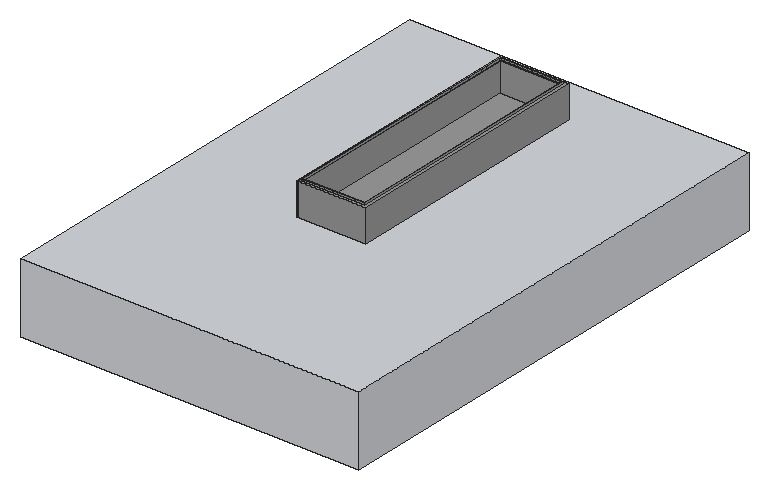
Revit family "Hager-Univers-IP30-D160-1x7rows-Cl.II-FWQ_encl_QS-NL-en", category Equipement électrique, Revit 2020
Family settings
  Hôte = Face
  Configuration du panneau = Deux colonnes, circuits au sein
  Cote de connecteur circulaire = Utiliser le diamètre
  Type d'élément = Tableau de raccordement
  Couper avec des vides une fois chargée = Non
  Partagée = Non
  Point de calcul de pièce = Non
Parameters (values of type "Surface mounted (plaster) IP30 W300 H1100 D160  - FWQ71D1")
  Width Control [instance] = if([EF000008 - Width] > Min Width, [EF000008 - Width], Min Width)  # 300 mm
  Commentaires du type = [HG000003 - Range]  # "Univers"
  Thickness Door [instance] = if([EF009171 - Material plate thickness door/cover] > 3 mm, 3 mm, [EF009171 - Material plate thickness door/cover])  # 2 mm
  Seal Frame Offset [instance] = 17 mm  # constant formula
  Plinth Visibility [instance] = [HG000027 - Plinth height] > 0 mm  # no
  Model = ""
  Min Width [instance] = 100 mm  # constant formula
  Min Height [instance] = 100 mm  # constant formula
  Min Depth [instance] = (2 * [EF009170 - Material plate thickness cabinet]) + 1 mm  # 5 mm
  Internal Frame Depth [instance] = (Door System Depth * 0.5)  # 9 mm
  Height Control [instance] = if([EF000040 - Height] > Min Height, [EF000040 - Height], Min Height)  # 1100 mm
  HG000027 - Plinth height = 0 mm
  HG000026 - Floor standing = no
  HG000024 - Bottom section height = 800 mm
  HG000023 - Double section enclosure = no
  HG000016 - Door 3d visibility [instance] = yes
  HG000015 - Clearance visibility [instance] = no
  HG000014 - Door on the right [instance] = yes
  HG000013 - Door on the left [instance] = not([HG000014 - Door on the right])  # no
  HG000012 - Door swing angle [instance] = 30.00°
  HG000010 - Asymmetric doors = no
  HG000009 - Double swing door = no
  HG000006 - Flush mounted = no
  HG000004 - Manufacturer reference = "FWQ71D1"
  HG000003 - Range = "Univers"
  HG000002 - With door or cover = no
  Frame Offset Bottom [instance] = 10 mm  # constant formula
  Frame Offset [instance] = 15 mm  # constant formula
  EF015940 - Cover with overpressure release = no
  EF011959 - Degree of protection (NEMA) = ""
  EF009554 - Number of openings for flange plates = 2
  EF009212 - Cover model = "EV009916 - With notch"
  EF009171 - Material plate thickness door/cover = 2 mm
  EF009170 - Material plate thickness cabinet = 2 mm
  Fabricant = "Hager"  # constant formula
  EF008873 - Nominal current (In) = 125 A
  EF007800 - Suitable for lightning protection = no
  EF006306 - With lock = no
  EF006244 - Transparent cover/door = no
  EF005474 - Degree of protection (IP) = "EV006410 - IP30"
  EF004464 - Type of door = "EV002646 - Single"
  EF004427 - Number of modules = 84
  EF004293 - Impact strength = ""
  EF003532 - Suitable for outdoor use = no
  EF002950 - Width in number of modular spacings = 12
  EF001613 - Circuit integrity = "EV000494 - None"
  EF001596 - Material housing = "EV000179 - Steel"
  EF001131 - Internal depth = 160 mm
  EF001088 - Extension possible = yes
  EF000437 - Number of conduit inlets = 4
  EF000339 - Type of cover = "EV001012 - Cover"
  EF000266 - Number of rows = 7
  EF000218 - Built-in depth = 0 mm
  EF000118 - With mounting plate = yes
  EF000116 - RAL-number = "9010"
  EF000049 - Depth = 160 mm
  EF000040 - Height = 1100 mm
  EF000008 - Width = 300 mm
  EF000007 - Colour = "EV000202 - White"
  EF000003 - Mounting method = "EV000384 - Surface mounted (plaster)"
  Door System Leaf Tolerance [instance] = 1.5 mm  # constant formula
  Door System Depth [instance] = 18 mm  # constant formula
  Door Height [instance] = Height Control - [HG000027 - Plinth height]  # 1100 mm
  Depth Control [instance] = if([EF000049 - Depth] > Min Depth, [EF000049 - Depth], Min Depth)  # 160 mm
  Default Elevation = 0 mm
  Connector Offset [instance] = Height Control / 2  # 550 mm
  Bottom Top Plate Trim [instance] = 1.5 mm  # constant formula
  Plinth height Ctrl [instance] = if([HG000027 - Plinth height] > 0 mm, [HG000027 - Plinth height], 12 mm)  # 12 mm
Reference planes
  plane 1 "Center (Front/Back)": y = 0
  plane 2: z = 0
  plane 3 "Center (Left/Right)": x = 0
  plane 4: z = 160
  plane 5: y = 2
  plane 6: y = 550
  plane 7: y = 0
  plane 8: y = 1100
  plane 9: z = 0
  plane 10: x = -135
  plane 11: x = 135
  plane 12: x = 133
  plane 13: x = -133
  plane 14: y = 1098
  plane 15: x = -133
  plane 16: x = -150
  plane 17: x = 133
  plane 18: x = 150
  plane 19: x = 148
  plane 20: x = -148
  plane 21: y = 12
  plane 22: y = 1100
  plane 23: y = 1083
  plane 24: z = 142
  plane 25: z = 2
  plane 26: z = 140
  plane 27: z = 158
Forms (mm)
  Extrusion 1, solid
    sketch origin (0, 0, 0) x (1, 0, 0) y (0, 1, 0)
      loop
        line (-702.964, 1305) -> (-702.964, -811.445) -> (766.763, -811.445) -> (766.763, 1305) -> (-702.964, 1305)
    from 0 to -304.8
  Extrusion 2, solid, material "Hager_Steel_RAL7035_Light_Grey", visible <- "Plinth Visibility", detail levels medium+fine
    sketch origin (0, 0, 0) x (1, 0, 0) y (0, 1, 0)
      loop
        line (-150, 0) -> (150, 0) -> (150, 12) -> (-150, 12) -> (-150, 0)
    from 0 to 142
  Extrusion 3, solid, material "Hager_Steel_RAL7035_Light_Grey", detail levels medium+fine
    sketch origin (0, 0, 0) x (1, 0, 0) y (0, 1, 0)
      loop
        line (-150, 0) -> (150, 0) -> (150, 1100) -> (-150, 1100) -> (-150, 0)
    from 0 to 142
  Extrusion 4, void
    sketch origin (0, 0, 0) x (1, 0, 0) y (0, 1, 0)
      loop
        line (-148, 2) -> (148, 2) -> (148, 1098) -> (-148, 1098) -> (-148, 2)
    from 2 to 140
  Extrusion 5, void
    sketch origin (-381.607, -4572, 142) x (0, -1, 0) y (-1, 0, 0)
      loop
        line (-4584, -248.607) -> (-5655, -248.607) -> (-5655, -514.607) -> (-4584, -514.607) -> (-4584, -248.607)
    from 0 to 2 <- "EF009170 - Material plate thickness cabinet"
  Extrusion 6, solid, material "Hager_Steel_RAL7035_Light_Grey", detail levels fine
    sketch origin (0, 0, 142) x (1, 0, 0) y (0, 1, 0)
      loop
        line (-133, 1083) -> (-133, 12) -> (133, 12) -> (133, 1083) -> (-133, 1083)
      loop
        line (-135, 10) -> (135, 10) -> (135, 1085) -> (-135, 1085) -> (-135, 10)
    from 0 to 9 <- "Internal Frame Depth"
  Extrusion 7, solid, material "Hager_Steel_RAL7035_Light_Grey", detail levels coarse
    sketch origin (0, 0, 0) x (1, 0, 0) y (0, 1, 0)
      loop
        line (-150, 0) -> (150, 0) -> (150, 1100) -> (-150, 1100) -> (-150, 0)
    from 0 to 160
  Sweep 8, void
    path in 3D
      loop
        line (-150, 12, 0) -> (150, 12, 0) -> (150, 12, 142) -> (-150, 12, 142) -> (-150, 12, 0)
    profile origin (-150, 12, 71) x (-1, 0, 0) y (0, -1, 0)
      loop
        line (0, 0) -> (0, 1.5) -> (-1.5, 1.5)
        arc (-1.5, 1.5) -> (-1.061, 0.439) -> (0, 0) r 1.5
Cuts and joins
  Extrusion 4, Extrusion 5 cuts Extrusion 3
  Sweep 8 cuts Extrusion 2
Lines and regions (mm)
  Masking region 1
    outline origin (0, 0, 0) x (1, 0, 0) y (0, 0, 1)
      loop
        line (-150, 160) -> (-150, 0) -> (150, 0) -> (150, 160) -> (-150, 160)
  Masking region 2, detail levels medium+fine
    outline origin (0, 140, 0) x (0, 1, 0) y (0, 0, 1)
      loop
        line (-140, 0) -> (960, 0) -> (960, 142) -> (-140, 142) -> (-140, 0)
  Masking region 3, not visible, detail levels medium+fine
    outline origin (0, 297.922, 0) x (0, 1, 0) y (0, 0, 1)
      loop
        line (263.578, 0) -> (303.578, 0) -> (303.578, 148)
        arc (303.578, 148) -> (300.649, 155.071) -> (293.578, 158) r 10
        line (293.578, 158) -> (263.578, 158) -> (263.578, 0)
  Masking region 4, detail levels coarse
    outline origin (0, 0, 180) x (0, 1, 0) y (0, 0, 1)
      loop
        line (0, -180) -> (1100, -180) -> (1100, -20) -> (0, -20) -> (0, -180)
  Masking region 5, visible <- "Plinth Visibility", detail levels medium+fine
    outline origin (0, 52.24, 12.345) x (0, 0, -1) y (0, 1, 0)
      loop
        line (10.845, -40.24) -> (-128.155, -40.24)
        arc (-128.155, -40.24) -> (-128.594, -41.301) -> (-129.655, -41.74) r 1.5
        line (-129.655, -41.74) -> (-129.655, -52.24) -> (12.345, -52.24) -> (12.345, -41.74)
        arc (12.345, -41.74) -> (11.285, -41.301) -> (10.845, -40.24) r 1.5
  Masking region 6, detail levels medium+fine
    outline origin (-381.607, -4572, 142) x (-1, 0, 0) y (0, -1, 0)
      loop
        line (-231.607, -5672) -> (-231.607, -4572) -> (-531.607, -4572) -> (-531.607, -5672) -> (-231.607, -5672)
  Masking region 7, visible <- "Plinth Visibility", detail levels medium+fine
    outline origin (-381.607, -4727, 142) x (-1, 0, 0) y (0, -1, 0)
      loop
        arc (-233.107, -4739) -> (-232.668, -4737.939) -> (-231.607, -4737.5) r 1.5
        line (-231.607, -4737.5) -> (-231.607, -4727) -> (-531.607, -4727) -> (-531.607, -4737.5)
        arc (-531.607, -4737.5) -> (-530.546, -4737.939) -> (-530.107, -4739) r 1.5
        line (-530.107, -4739) -> (-233.107, -4739)
  Masking region 8, detail levels coarse
    outline origin (-442.548, -4669.526, 142) x (-1, 0, 0) y (0, -1, 0)
      loop
        line (-292.548, -5769.526) -> (-292.548, -4669.526) -> (-592.548, -4669.526) -> (-592.548, -5769.526) -> (-292.548, -5769.526)
  sketch lines
    curve 1: line (-150, 12, 142) -> (-150, 12, 0)
    curve 2: line (150, 12, 142) -> (-150, 12, 142)
    curve 3: line (150, 12, 142) -> (150, 12, 0)
    curve 4: line (-150, 12, 0) -> (150, 12, 0)
Dimensions and locks
  "Depth Control": plane 4 to Extrusion 1
  "HG000027 - Plinth height": plane 1 "Center (Front/Back)" to plane 7
  "EF009170 - Material plate thickness cabinet": plane 5 to plane 7
  locked: connector elem to plane 3 "Center (Left/Right)"
  equal spacing: plane 8, plane 6, plane 7
  locked: connector elem to plane 6
  "EF009170 - Material plate thickness cabinet": plane 8 to plane 14
  "EF009170 - Material plate thickness cabinet": plane 10 to plane 13
  "EF009170 - Material plate thickness cabinet": plane 12 to plane 11
  "Frame Offset": plane 20 to plane 13
  "Frame Offset": plane 12 to plane 19
  "EF009170 - Material plate thickness cabinet": plane 16 to plane 20
  "EF009170 - Material plate thickness cabinet": plane 19 to plane 18
  "Seal Frame Offset": plane 16 to plane 15
  "Seal Frame Offset": plane 17 to plane 18
  "Frame Offset Bottom": plane 21 to plane 5
  "Frame Offset": plane 14 to plane 23
  equal spacing: plane 16, plane 3 "Center (Left/Right)", plane 18
  "Width Control": plane 16 to plane 18
  "EF009170 - Material plate thickness cabinet": plane 4 to plane 27
  "EF009170 - Material plate thickness cabinet": plane 24 to plane 26
  "EF009170 - Material plate thickness cabinet": plane 25 to level
  "Door System Depth": plane 4 to plane 24
  "Height Control": plane 1 "Center (Front/Back)" to Extrusion 7 sketch curve
  "Height Control": Masking region 4 sketch curve to plane 1 "Center (Front/Back)"
  "Height Control": plane 1 "Center (Front/Back)" to plane 22
  "Bottom Top Plate Trim": profile plane to Sweep 8 sketch curve
  "Bottom Top Plate Trim": Sweep 8 sketch curve to profile plane
  "Plinth height Ctrl": plane 1 "Center (Front/Back)" to Extrusion 2 sketch curve
  "Plinth height Ctrl": Masking region 5 sketch curve to plane 1 "Center (Front/Back)"
  "Plinth height Ctrl": plane 1 "Center (Front/Back)" to Masking region 7 sketch curve
  "Thickness Door": Extrusion 6 sketch curve to Extrusion 6 sketch curve  (x3)
  "Thickness Door": cut or joined group of Extrusion 3, Extrusion 4, Extrusion 5 to Extrusion 6 sketch curve
  radius of Masking region 3 sketch curve = 10 mm
  "Bottom Top Plate Trim": radius of Masking region 5 sketch curve  (x2)
  "Bottom Top Plate Trim": radius of Sweep 8 sketch curve
  "Bottom Top Plate Trim": radius of Masking region 7 sketch curve  (x2)
  aligned and locked: plane 2 to Extrusion 1
  aligned and locked: level to Extrusion 1
  aligned and locked: level to Masking region 1 sketch curve
  aligned and locked: Masking region 1 sketch curve to plane 18
  aligned and locked: Masking region 1 sketch curve to plane 16
  aligned and locked: plane 7 to Masking region 2 sketch curve
  aligned and locked: level to Masking region 3 sketch curve
  aligned and locked: Masking region 3 sketch curve to plane 27
  aligned and locked: level to Masking region 2 sketch curve
  aligned and locked: plane 1 "Center (Front/Back)" to Extrusion 2 sketch curve
  aligned and locked: Extrusion 3 sketch curve to plane 7
  aligned and locked: plane 16 to Extrusion 3 sketch curve
  aligned and locked: plane 18 to Extrusion 3 sketch curve
  aligned and locked: plane 20 to Extrusion 4 sketch curve
  aligned and locked: plane 19 to Extrusion 4 sketch curve
  aligned and locked: Extrusion 4 sketch curve to plane 5
  aligned and locked: Extrusion 4 to plane 25
  aligned and locked: plane 26 to Extrusion 4
  aligned and locked: plane 24 to Extrusion 3
  aligned and locked: plane 21 to Extrusion 5 sketch curve
  aligned and locked: Extrusion 5 sketch curve to plane 13
  aligned and locked: Extrusion 5 sketch curve to plane 12
  aligned and locked: plane 18 to Extrusion 7 sketch curve
  aligned and locked: plane 1 "Center (Front/Back)" to Extrusion 7 sketch curve
  aligned and locked: plane 16 to Extrusion 7 sketch curve
  aligned and locked: plane 4 to Extrusion 7
  aligned and locked: Extrusion 7 to level
  aligned and locked: level to Masking region 4 sketch curve
  aligned and locked: Masking region 4 sketch curve to plane 1 "Center (Front/Back)"
  aligned and locked: Masking region 4 sketch curve to plane 4
  aligned and locked: nested 1 to level
  aligned and locked: nested 1 to plane 16
  aligned and locked: plane 8 to Extrusion 3 sketch curve
  aligned and locked: plane 23 to Extrusion 5 sketch curve
  aligned and locked: plane 14 to Extrusion 4 sketch curve
  aligned and locked: Masking region 2 sketch curve to plane 8
  aligned and locked: level to Masking region 5 sketch curve
  aligned and locked: plane 16 to Extrusion 2 sketch curve
  aligned and locked: plane 18 to Extrusion 2 sketch curve
  aligned and locked: Masking region 5 sketch curve to plane 24
  aligned and locked: Masking region 2 sketch curve to plane 24
  aligned and locked: plane 24 to Extrusion 2
  aligned and locked: profile plane to Sweep 8 sketch curve  (x2)
  aligned and locked: Masking region 6 sketch curve to plane 18
  aligned and locked: Masking region 6 sketch curve to plane 22
  aligned and locked: Masking region 6 sketch curve to plane 16
  aligned and locked: plane 8 to plane 22
  aligned and locked: plane 7 to Masking region 6 sketch curve
  aligned and locked: Masking region 7 sketch curve to plane 16
  aligned and locked: Masking region 7 sketch curve to plane 1 "Center (Front/Back)"
  aligned and locked: Masking region 7 sketch curve to plane 18
  aligned and locked: Masking region 8 sketch curve to plane 1 "Center (Front/Back)"
  aligned and locked: Masking region 8 sketch curve to plane 18
  aligned and locked: Masking region 8 sketch curve to plane 22
  aligned and locked: Masking region 8 sketch curve to plane 16
  aligned and locked: nested 2 to plane 7
  aligned and locked: plane 3 "Center (Left/Right)" to nested 2
  aligned and locked: plane 24 to nested 2
  aligned and locked: Extrusion 6 sketch curve to cut or joined group of Extrusion 3, Extrusion 4, Extrusion 5  (x4)
Automatic sketch dimensions
  Extrusion 1 sketch curve to Extrusion 1 sketch curve = 1469.727 mm
  Extrusion 1 sketch curve to Extrusion 1 sketch curve = 2116.445 mm
  Masking region 1 sketch curve to plane 4 = 0 mm
  plane 6 to Masking region 3 sketch curve = 11.5 mm
  Masking region 3 sketch curve to Masking region 3 sketch curve = 30 mm
  Masking region 5 sketch curve to plane 1 "Center (Front/Back)" = 0 mm
Nested families
  nested 1: "Hager_Enclosure_Symbol" at (-150, 0, 0) x (1, 0, 0) z (0, -1, 0), Height <- "Depth Control", Width <- "Width Control", type "Hager_Enclosure_Symbol"
    with Width_Ctrl 300 mm, Width 300 mm, Height_Ctrl 160 mm, Height 160 mm, A_Width_Int 10.5 mm, A_Width 126 mm, A_Height_Ctrl 140 mm, A_Height 140 mm
  nested 2: "EC000058_Univers_Door" at (0, 0, 142) x (1, 0, 0) z (0, 1, 0), Leaf_Tolerance <- "Door System Leaf Tolerance", Angle <- "HG000012 - Door swing angle", Door_Depth <- "Door System Depth", Door_Left <- "HG000013 - Door on the left", Transparent <- "EF006244 - Transparent cover/door", Assymetrical <- "HG000010 - Asymmetric doors", Width <- "Width Control", Clearance <- "HG000015 - Clearance visibility", Double <- "HG000009 - Double swing door", 3d_Door <- "HG000016 - Door 3d visibility", Lock_Visibility <- "EF006306 - With lock", Width_Ctrl <- "Width Control", Door_Right <- "HG000014 - Door on the right", Door <- "HG000002 - With door or cover", Height <- "Door Height", Thickness <- "Thickness Door", type "EC000058_Univers_Door", detail levels medium+fine
    with min_wh 5 mm, Width_Ctrl 300 mm, Width 300 mm, Transparent no, Thickness 2 mm, Seal_Material Hager_Rubber, Lock_Visibility no, Lock_Material Hager_Plastic_RAL9005_Jet_Black, Leaf_Width 300 mm, Leaf_Tolerance_External_Sides 0 mm, Leaf_Tolerance 1.5 mm, Leaf_Offset 0 mm, Leaf_Height 1097 mm, Leaf_2_Width 300 mm, Leaf_2_Offset 150 mm, Leaf_1_Width 300 mm, Leaf_1_Offset 150 mm, Height_Ctrl 1100 mm, Height 1100 mm, Glass_Material Hager_Glass, Double_Clearance_Ctrl no, Double no, Door_Right_Ctrl no, Door_Right yes, Door_Material Hager_Steel_RAL7035_Light_Grey, Door_Left_Ctrl no, Door_Left no, Door_Depth 18 mm, Door no, Clearance_Material Hager_Clearance, Clearance_Depth 300 mm, Clearance_Ctrl no, Clearance no, Assymetrical no, Angle 30.00°, 3d_Door yes
Connectors
  electrical at (0, 550, 0)
    settings: on plane 9, index 1, voltage 0 V, apparent load 0 VA, apparent load phase1 0 VA, apparent load phase2 0 VA, apparent load phase3 0 VA, power factor 1, load classification "Other", number of poles 1, system type 30, power factor state 1, is connector primary yes, connector utility no, sub classification motor no, connector description ""
Definition of nested family "Hager_Enclosure_Symbol"
  Parameters (values of type "Hager_Enclosure_Symbol")
    Width_Ctrl [instance] = if(Width > 1 mm, Width, 1 mm)  # 102.27 mm
    Width [instance] = 102.27 mm
    Height_Ctrl [instance] = if(Height > 1 mm, Height, 1 mm)  # 66.5 mm
    A_Width_Int [instance] = if(A_Width / 12 > 2 mm, A_Width / 12, 2 mm)  # 4.364 mm
    A_Width [instance] = if(A_Height_Ctrl * 0.9 > 2 mm, A_Height_Ctrl * 0.9, 2 mm)  # 52.369 mm
    A_Height_Ctrl [instance] = if(A_Height > 2 mm, A_Height, 2 mm)  # 58.188 mm
    Height [instance] = 66.5 mm
    A_Height [instance] = Height - (Height / 8)  # 58.188 mm
  Reference planes
    plane 1 "Centre (avant/arrière)": y = 0
    plane 2: z = 0
    plane 3 "Centre (gauche/droite)": x = 0
    plane 4: x = 52.369
    plane 5: y = 33.042
    plane 6: y = 41.77
    plane 7: y = 66.5
    plane 8: x = 26.184
    plane 9: y = 37.406
    plane 10: x = 102.27
    plane 11: y = 66.5
    plane 12: y = 8.313
  Lines and regions (mm)
    Filled region 1, type "Solid_Black", in view "Niveau de réf."
      outline origin (0, 0, 0) x (1, 0, 0) y (0, 1, 0)
        loop
          line (52.369, 66.5) -> (33.188, 54.536) -> (45.365, 45.006) -> (52.369, 66.5)
    Filled region 2, type "Solid_Black", in view "Niveau de réf."
      outline origin (0, 0, 0) x (1, 0, 0) y (0, 1, 0)
        loop
          line (0, 0) -> (102.27, 0) -> (102.27, 66.5) -> (0, 0)
    detail lines, in view "Niveau de réf."
      curve 1: line (0, 8.313, 0) -> (26.184, 41.77, 0)
      curve 2: line (26.184, 41.77, 0) -> (26.184, 33.042, 0)
      curve 3: line (26.184, 33.042, 0) -> (52.369, 66.5, 0)
  Dimensions and locks
    "A_Width": plane 3 "Centre (gauche/droite)" to plane 4
    equal spacing: plane 3 "Centre (gauche/droite)", plane 8, plane 4
    equal spacing: plane 6, plane 9, plane 5
    equal spacing: curve 3, Filled region 1 sketch curve, Filled region 1 sketch curve
    "Height_Ctrl": plane 1 "Centre (avant/arrière)" to plane 11
    "A_Height_Ctrl": plane 11 to plane 12
    equal spacing: plane 11, plane 9, plane 12
    "A_Width_Int": plane 6 to plane 9
    "Width_Ctrl": plane 3 "Centre (gauche/droite)" to plane 10
    angle Filled region 1 sketch curve to curve 3 = 20.00°
    angle curve 3 to Filled region 1 sketch curve = 20.00°
    locked: curve 3 to Filled region 1 sketch curve (angle 90.00°)
    aligned and locked: plane 10 to Filled region 2
    aligned and locked: plane 11 to Filled region 2 sketch curve
    aligned and locked: plane 10 to Filled region 2 sketch curve
    aligned and locked: plane 3 "Centre (gauche/droite)" to curve 1
    aligned and locked: plane 12 to curve 1
    aligned and locked: plane 7 to plane 11
  Automatic sketch dimensions
    Filled region 1 sketch curve to plane 4 = 0 mm
    Filled region 1 sketch curve to plane 7 = 0 mm
    plane 1 "Centre (avant/arrière)" to Filled region 2 sketch curve = 0 mm
    Filled region 2 sketch curve to plane 3 "Centre (gauche/droite)" = 0 mm
    curve 2 to plane 6 = 0 mm
    curve 2 to plane 8 = 0 mm
    curve 3 to plane 4 = 0 mm
    curve 2 to plane 5 = 0 mm
    curve 3 to plane 7 = 0 mm
Definition of nested family "EC000058_Univers_Door"
  Parameters (values of type "EC000058_Univers_Door")
    min_wh [instance] = (2 * Thickness) + 1 mm  # 11 mm
    Width_Ctrl [instance] = 400 mm
    Width [instance] = 500 mm
    Transparent [instance] = yes
    Thickness [instance] = 5 mm
    Seal_Material [instance] = none
    Lock_Visibility [instance] = yes
    Lock_Material [instance] = none
    Leaf_Width [instance] = if((Width_Ctrl - 2 * Leaf_Tolerance_External_Sides) > 0 mm, (Width_Ctrl - 2 * Leaf_Tolerance_External_Sides), min_wh)  # 400 mm
    Leaf_Tolerance_External_Sides [instance] = 0 mm  # constant formula
    Leaf_Tolerance [instance] = 1.5 mm
    Leaf_Offset [instance] = 0 mm  # constant formula
    Leaf_Height [instance] = if((Height_Ctrl - 2 * Leaf_Tolerance) > 0 mm, (Height_Ctrl - 2 * Leaf_Tolerance), min_wh)  # 497 mm
    Leaf_2_Width [instance] = if(and(and(Double, Assymetrical), Door_Left), (Leaf_Width / 3) - (Leaf_Tolerance / 2), if(and(and(Double, Assymetrical), Door_Right), (Leaf_Width / 3) * 2 - (Leaf_Tolerance / 2), if(and(Double, not(Assymetrical)), (Leaf_Width / 2) - Leaf_Tolerance, Leaf_Width)))  # 400 mm
    Leaf_2_Offset [instance] = if(and(Double, Assymetrical), Leaf_2_Width / 2, if(and(Double, not(Assymetrical)), Leaf_Width / 4, Leaf_Width / 2))  # 200 mm
    Leaf_1_Width [instance] = if(and(and(Double, Assymetrical), Door_Right), (Leaf_Width / 3) - (Leaf_Tolerance / 2), if(and(and(Double, Assymetrical), Door_Left), (Width / 3) * 2 - (Leaf_Tolerance / 2), if(and(Double, not(Assymetrical)), (Leaf_Width / 2) - Leaf_Tolerance, Leaf_Width)))  # 400 mm
    Leaf_1_Offset [instance] = if(and(Double, Assymetrical), Leaf_1_Width / 2, if(and(Double, not(Assymetrical)), Leaf_Width / 4, Leaf_Width / 2))  # 200 mm
    Height_Ctrl [instance] = if(Height > min_wh, Height, min_wh)  # 500 mm
    Height [instance] = 500 mm
    Glass_Material [instance] = none
    Double_Clearance_Ctrl [instance] = and(Double, Clearance)  # no
    Double [instance] = no
    Door_Right_Ctrl [instance] = and(or(Door_Right, Double), Door)  # yes
    Door_Right [instance] = yes
    Door_Material [instance] = none
    Door_Left_Ctrl [instance] = and(or(Door_Left, Double), Door)  # no
    Door_Left [instance] = no
    Door_Depth [instance] = 30 mm
    Door [instance] = yes
    Default Elevation = 1219.2 mm
    Clearance_Material [instance] = none
    Clearance_Depth [instance] = if(Leaf_1_Width > Leaf_2_Width, Leaf_1_Width, Leaf_2_Width)  # 400 mm
    Clearance_Ctrl [instance] = and(not(Double), Clearance)  # yes
    Clearance [instance] = yes
    Assymetrical [instance] = yes
    Angle [instance] = 30.00°
    3d_Door [instance] = yes
  Reference planes
    plane 1 "Center (Front/Back)": y = 0
    plane 2 "Bottom": z = 0
    plane 3 "Center (Left/Right)": x = 0
    plane 4: z = 500
    plane 5: x = -200
    plane 6: x = 200
    plane 7: z = 500
    plane 8: x = -200
    plane 9: z = 0
    plane 10: x = 200
    plane 11: y = 0
    plane 12: z = 1.5
    plane 13: x = -600
    plane 14: y = -400
    plane 15: x = 600
    plane 16: x = 0
    plane 17: x = 0
    plane 18: x = -200
    plane 19: x = 200
    plane 20: z = 498.5
  Forms (mm)
    Extrusion 1, solid, material <- "Clearance_Material", visible <- "Double_Clearance_Ctrl"
      sketch origin (1200, 0, 0) x (1, 0, 0) y (0, 0, -1)
        loop
          line (-1800, -498.5) -> (-600, -498.5) -> (-600, 0) -> (-1800, 0) -> (-1800, -498.5)
      from 0 to -400
  Dimensions and locks
    equal spacing: plane 5, plane 3 "Center (Left/Right)", plane 6
    "Width_Ctrl": plane 5 to plane 6
    "Leaf_Offset": plane 5 to plane 8
    "Leaf_Offset": plane 6 to plane 10
    "Leaf_Offset": plane 9 to level
    "Leaf_Offset": plane 4 to plane 7
    "Height_Ctrl": plane 4 to level
    "Leaf_Tolerance": plane 12 to plane 9
    locked: plane 11 to plane 1 "Center (Front/Back)"
    "Leaf_1_Offset": plane 18 to plane 16
    "Leaf_2_Offset": plane 17 to plane 19
    "Leaf_1_Width": plane 13 to plane 8
    "Leaf_2_Width": plane 10 to plane 15
    "Clearance_Depth": plane 14 to plane 1 "Center (Front/Back)"
    "Leaf_Tolerance_External_Sides": plane 8 to plane 18
    "Leaf_Tolerance_External_Sides": plane 19 to plane 10
    "Leaf_Tolerance": plane 7 to plane 20
    aligned and locked: level to plane 2 "Bottom"
    aligned and locked: nested 1 to plane 16
    aligned and locked: nested 2 to plane 17
    aligned and locked: Extrusion 1 to plane 13
    aligned and locked: plane 15 to Extrusion 1
    aligned and locked: Extrusion 1 to plane 14
    aligned and locked: plane 12 to nested 1
    aligned and locked: nested 2 to plane 12
    aligned and locked: Extrusion 1 to plane 11
    aligned and locked: plane 20 to Extrusion 1
    aligned and locked: nested 2 to plane 11
    aligned and locked: nested 1 to plane 11
  Automatic sketch dimensions
    Extrusion 1 sketch curve to level = 0 mm
    plane 5 to Extrusion 1 sketch curve = 400 mm
    plane 6 to Extrusion 1 sketch curve = 400 mm
    Extrusion 1 sketch curve to plane 4 = 1.5 mm
  Nested families
    nested 1: "EC000058_Univers_Door_Leaf" at (0, 0, 1.5), Width <- "Leaf_1_Width", visible <- "Door_Left_Ctrl", Leaf_Height <- "Leaf_Height", Angle <- "Angle", 3d_Door <- "3d_Door", Transparent <- "Transparent", Clearance Material <- "Clearance_Material", Clearance <- "Clearance_Ctrl", Door_Material <- "Door_Material", Glass_Material <- "Glass_Material", Door_Depth <- "Door_Depth", Lock_Material <- "Lock_Material", Seal_Material <- "Seal_Material", Lock_Visibility <- "Lock_Visibility", Thickness <- "Thickness", type "EC000058_Univers_Door_Leaf"
      with Width 400 mm, Transparent_Glass_Offset 30 mm, Transparent_Ctrl yes, Transparent yes, Thickness 5 mm, Standard no, Seal_Material none, Seal_D2 8 mm, Seal_D1 1 mm, Offset_Internal_Frame 10 mm, Lock_Width 20 mm, Lock_Visibility_3d yes, Lock_Visibility yes, Lock_Thickness_3 3 mm, Lock_Thickness_2 1 mm, Lock_Thickness_1 3 mm, Lock_Radius_Offset_2 16 mm, Lock_Radius_Offset_1 15 mm, Lock_Radius_2 5 mm, Lock_Radius 6 mm, Lock_Offset 5 mm, Lock_Material none, Lock_Height 80 mm, Lock_Cover_Top_Offset_2d 17 mm, Lock_Cover_Height -65 mm, Leaf_Height 497 mm, Internal_Seal_Thickness 8 mm, Internal_Seal_Depth_2 4.5 mm, Internal_Frame_Depth 25 mm, Glass_Thickness -1 mm, Glass_Offset -2 mm, Glass_Material none, Door_Material none, Door_Depth 30 mm, Clearance Material none, Clearance yes, Angle_Ctrl 30.00°, Angle 30.00°, 3d_Door yes
    nested 2: "EC000058_Univers_Door_Leaf" at (0, 0, 1.5) x (-1, 0, 0) z (0, 0, 1), Width <- "Leaf_2_Width", visible <- "Door_Right_Ctrl", Leaf_Height <- "Leaf_Height", Angle <- "Angle", 3d_Door <- "3d_Door", Transparent <- "Transparent", Clearance Material <- "Clearance_Material", Clearance <- "Clearance_Ctrl", Door_Material <- "Door_Material", Glass_Material <- "Glass_Material", Door_Depth <- "Door_Depth", Lock_Material <- "Lock_Material", Seal_Material <- "Seal_Material", Lock_Visibility <- "Lock_Visibility", Thickness <- "Thickness", type "EC000058_Univers_Door_Leaf"
      with Width 400 mm, Transparent_Glass_Offset 30 mm, Transparent_Ctrl yes, Transparent yes, Thickness 5 mm, Standard no, Seal_Material none, Seal_D2 8 mm, Seal_D1 1 mm, Offset_Internal_Frame 10 mm, Lock_Width 20 mm, Lock_Visibility_3d yes, Lock_Visibility yes, Lock_Thickness_3 3 mm, Lock_Thickness_2 1 mm, Lock_Thickness_1 3 mm, Lock_Radius_Offset_2 16 mm, Lock_Radius_Offset_1 15 mm, Lock_Radius_2 5 mm, Lock_Radius 6 mm, Lock_Offset 5 mm, Lock_Material none, Lock_Height 80 mm, Lock_Cover_Top_Offset_2d 17 mm, Lock_Cover_Height -65 mm, Leaf_Height 497 mm, Internal_Seal_Thickness 8 mm, Internal_Seal_Depth_2 4.5 mm, Internal_Frame_Depth 25 mm, Glass_Thickness -1 mm, Glass_Offset -2 mm, Glass_Material none, Door_Material none, Door_Depth 30 mm, Clearance Material none, Clearance yes, Angle_Ctrl 30.00°, Angle 30.00°, 3d_Door yes
  Definition of nested family "EC000058_Univers_Door_Leaf"
    Parameters (values of type "EC000058_Univers_Door_Leaf")
      Width [instance] = 2000 mm
      Transparent_Glass_Offset [instance] = 30 mm
      Transparent_Ctrl [instance] = and(Transparent, [3d_Door])  # yes
      Transparent [instance] = yes
      Thickness [instance] = 5 mm
      Standard [instance] = and(not(Transparent), [3d_Door])  # no
      Seal_Material [instance] = none
      Seal_D2 [instance] = 8 mm  # constant formula
      Seal_D1 [instance] = 1 mm  # constant formula
      Offset_Internal_Frame [instance] = 10 mm  # constant formula
      Lock_Width [instance] = 20 mm  # constant formula
      Lock_Visibility_3d [instance] = and(Lock_Visibility, [3d_Door])  # yes
      Lock_Visibility [instance] = yes
      Lock_Thickness_3 [instance] = 3 mm  # constant formula
      Lock_Thickness_2 [instance] = 1 mm  # constant formula
      Lock_Thickness_1 [instance] = 3 mm  # constant formula
      Lock_Radius_Offset_2 [instance] = Lock_Radius_Offset_1 + 1 mm  # 16 mm
      Lock_Radius_Offset_1 [instance] = 15 mm  # constant formula
      Lock_Radius_2 [instance] = Lock_Radius - 1 mm  # 5 mm
      Lock_Radius [instance] = 6 mm  # constant formula
      Lock_Offset [instance] = 5 mm  # constant formula
      Lock_Material [instance] = none
      Lock_Height [instance] = 80 mm  # constant formula
      Lock_Cover_Top_Offset_2d [instance] = Lock_Radius_Offset_2 + 1 mm  # 17 mm
      Lock_Cover_Height [instance] = -(Lock_Height - Lock_Radius_Offset_1)  # -65 mm
      Leaf_Height [instance] = 2720.336 mm
      Internal_Seal_Thickness [instance] = 8 mm  # constant formula
      Internal_Seal_Depth_2 [instance] = 4.5 mm  # constant formula
      Internal_Frame_Depth [instance] = if(Door_Depth - Thickness > 5 mm, Door_Depth - Thickness, 5 mm)  # 25 mm
      Glass_Thickness [instance] = if(Thickness > 15 mm, Glass_Offset + 10 mm, -1 mm)  # -1 mm
      Glass_Offset [instance] = if(Thickness > 15 mm, -(Thickness + 10 mm) / 2, -2 mm)  # -2 mm
      Glass_Material [instance] = none
      Door_Material [instance] = none
      Door_Depth [instance] = 30 mm
      Default Elevation = 0 mm
      Clearance Material [instance] = none
      Clearance [instance] = yes
      Angle_Ctrl [instance] = if(Angle > 180.00°, 180.00°, Angle)  # 90.00°
      Angle [instance] = 90.00°
      3d_Door [instance] = yes
    Reference planes
      plane 1 "Center (Front/Back)": y = 0
      plane 2: z = 0
      plane 3 "Center (Left/Right)": x = 0
      plane 4: y = 2000
      plane 5: x = -1000
      plane 6: x = 1000
      plane 7: x = -3000
      plane 8: z = 2720.336
      plane 9: z = 30
      plane 10: z = 2690.336
      plane 11: x = 970
      plane 12: x = -970
      plane 13: y = -3
      plane 14: z = 107.833
      plane 15: y = -5
      plane 16: y = -223.314
      plane 17: x = -1000
      plane 18: z = 1360.168
      plane 19: y = 30
    Forms (mm)
      Extrusion 1, solid, material <- "Clearance Material", visible <- "Clearance"
        sketch origin (0, 0, 0) x (1, 0, 0) y (0, 0, 1)
          loop
            line (-3000, 2720.336) -> (-3000, 0) -> (1000, 0) -> (1000, 2720.336) -> (-3000, 2720.336)
        from 0 to -2000
      Extrusion 2, solid, material <- "Door_Material", visible <- "Standard", detail levels medium+fine
        sketch origin (-1000, 0, 0) x (0, 1, 0) y (-1, 0, 0)
          loop
            line (0, 30) -> (0, 25) -> (2000, 25) -> (2000, 30) -> (0, 30)
        from 0 to 2720.336 <- "Leaf_Height"
      Extrusion 3, solid, material <- "Door_Material", visible <- "Transparent_Ctrl", detail levels medium+fine
        sketch origin (-1000, 0, 0) x (0, 1, 0) y (-1, 0, 0)
          loop
            line (0, 25) -> (2000, 25) -> (2000, 30) -> (0, 30) -> (0, 25)
        from 0 to 2720.336 <- "Leaf_Height"
      Extrusion 4, void
        sketch origin (-1025, 2000, 0) x (0, 1, 0) y (0, 0, -1)
          loop
            line (-30, -2690.336) -> (-30, -30) -> (-1970, -30) -> (-1970, -2690.336) -> (-30, -2690.336)
        from 0 to 5 <- "Thickness"
      Sweep 5, solid, material <- "Seal_Material", visible <- "Transparent_Ctrl", detail levels fine
        path in 3D
          loop
            line (-1025, 30, 30) -> (-1025, 30, 2690.336) -> (-1025, 1970, 2690.336) -> (-1025, 1970, 30) -> (-1025, 30, 30)
        profile origin (-1025, 1000, 30) x (1, 0, 0) y (0, 0, 1)
          loop
            line (0, 0) -> (0, -8) -> (1, -8) -> (1, 0) -> (0, 0)
      Extrusion 6, solid, material <- "Glass_Material", visible <- "Transparent_Ctrl", detail levels medium+fine
        sketch origin (-1030, 0, 0) x (0, 1, 0) y (0, 0, -1)
          loop
            line (1970, -2690.336) -> (1970, -30) -> (30, -30) -> (30, -2690.336) -> (1970, -2690.336)
        from -2 <- "Glass_Offset" to -1 <- "Glass_Thickness"
      Extrusion 7, solid, material <- "Door_Material", visible <- "3d_Door", detail levels medium+fine
        sketch origin (-1025, 2000, 0) x (0, -1, 0) y (0, 0, -1)
          loop
            line (0, -2720.336) -> (2000, -2720.336) -> (2000, 0) -> (0, 0) -> (0, -2720.336)
          loop
            line (1995, -5) -> (5, -5) -> (5, -2715.336) -> (1995, -2715.336) -> (1995, -5)
        from 0 to 25 <- "Internal_Frame_Depth"
      Sweep 8, solid, material <- "Seal_Material", visible <- "Transparent_Ctrl", detail levels fine
        path in 3D
          loop
            line (-1025, 0, 0) -> (-1025, 2000, 0) -> (-1025, 2000, 2720.336) -> (-1025, 0, 2720.336) -> (-1025, 0, 0)
        profile origin (-1025, 0, 1360.168) x (1, 0, 0) y (0, 1, 0)
          loop
            line (0, 10) -> (2.975, 10)
            arc (2.975, 10) -> (4.053, 10.447) -> (4.5, 11.525) r 1.525
            line (4.5, 11.525) -> (4.5, 16.527)
            arc (4.5, 16.527) -> (4.069, 17.569) -> (3.027, 18) r 1.473
            line (3.027, 18) -> (0, 18) -> (0, 10)
      Extrusion 9, solid, material <- "Lock_Material", visible <- "Lock_Visibility_3d", detail levels fine
        sketch origin (-1030, 0, 0) x (0, 1, 0) y (0, 0, -1)
          loop
            arc (1993.5, -1400.168) -> (1994.561, -1399.729) -> (1995, -1398.668) r 1.5
            line (1995, -1398.668) -> (1995, -1320.168) -> (1975, -1320.168) -> (1975, -1398.668)
            arc (1975, -1398.668) -> (1975.439, -1399.729) -> (1976.5, -1400.168) r 1.5
            line (1976.5, -1400.168) -> (1993.5, -1400.168)
        from 3 <- "Lock_Thickness_1" to 0
      Blend 10, solid, material <- "Lock_Material", visible <- "Lock_Visibility_3d", detail levels fine
        base sketch origin (-1033, 0, 0) x (0, 1, 0) y (0, 0, -1)
          loop
            line (1975, -1320.168) -> (1975, -1398.668)
            arc (1975, -1398.668) -> (1975.439, -1399.729) -> (1976.5, -1400.168) r 1.5
            line (1976.5, -1400.168) -> (1993.5, -1400.168)
            arc (1993.5, -1400.168) -> (1994.561, -1399.729) -> (1995, -1398.668) r 1.5
            line (1995, -1398.668) -> (1995, -1320.168) -> (1975, -1320.168)
        top sketch origin (-1033, 0, 0) x (0, 1, 0) y (0, 0, -1)
          loop
            line (1976, -1320.168) -> (1976, -1398.668)
            arc (1976, -1398.668) -> (1976.146, -1399.022) -> (1976.5, -1399.168) r 0.5
            line (1976.5, -1399.168) -> (1993.5, -1399.168)
            arc (1993.5, -1399.168) -> (1993.854, -1399.022) -> (1994, -1398.668) r 0.5
            line (1994, -1398.668) -> (1994, -1320.168) -> (1976, -1320.168)
        from 0 to 1 <- "Lock_Thickness_2"
      Blend 11, solid, material <- "Lock_Material", visible <- "Lock_Visibility_3d", detail levels fine
        base sketch origin (-1034, 0, 0) x (0, 1, 0) y (0, 0, -1)
          loop
            line (1978, -1320.168) -> (1978, -1384.168)
            arc (1978, -1384.168) -> (1985, -1391.168) -> (1992, -1384.168) r 7
            line (1992, -1384.168) -> (1992, -1320.168) -> (1978, -1320.168)
        top sketch origin (-1034, 0, 0) x (0, 1, 0) y (0, 0, -1)
          loop
            line (1991, -1320.168) -> (1979, -1320.168) -> (1979, -1383.168)
            arc (1979, -1383.168) -> (1985, -1389.168) -> (1991, -1383.168) r 6
            line (1991, -1383.168) -> (1991, -1320.168)
        from 0 to 3 <- "Lock_Thickness_3"
      Extrusion 12, solid, material <- "Lock_Material", visible <- "Lock_Visibility_3d", detail levels fine
        sketch origin (-1030, 1975, 1320.168) x (1, 0, 0) y (0, -1, 0)
          loop
            line (-7, -19) -> (-7, -1) -> (0, -1) -> (0, 0) -> (-8, 0) -> (-8, -20) -> (0, -20) -> (0, -19) -> (-7, -19)
        from 0 to -65 <- "Lock_Cover_Height"
      Extrusion 13, void
        sketch origin (-1038, 1995, 1320.168) x (-1, 0, 0) y (0, 0, -1)
          loop
            line (-5, -65) -> (0, -65) -> (-5, -60) -> (-5, -65)
        from 0 to 20 <- "Lock_Width"
      Extrusion 14, void
        sketch origin (-1038, 1975, 1320.168) x (0, -1, 0) y (0, 0, -1)
          loop
            circle (-10, -15.995) r 6
          loop
            circle (-10, -15.995) r 5
        from 0 to 2
      Extrusion 15, solid, material <- "Lock_Material", visible <- "Lock_Visibility_3d", detail levels medium
        sketch origin (-1030, 0, 0) x (0, 1, 0) y (0, 0, -1)
          loop
            arc (1993.5, -1400.168) -> (1994.561, -1399.729) -> (1995, -1398.668) r 1.5
            line (1995, -1398.668) -> (1995, -1320.168) -> (1975, -1320.168) -> (1975, -1398.668)
            arc (1975, -1398.668) -> (1975.439, -1399.729) -> (1976.5, -1400.168) r 1.5
            line (1976.5, -1400.168) -> (1993.5, -1400.168)
        from 8 to 0
    Cuts and joins
      Extrusion 4 cuts Extrusion 3
      Extrusion 13, Extrusion 14 cuts Extrusion 9
      Extrusion 14 cuts Blend 11
      Extrusion 13, Extrusion 14 cuts Extrusion 12
      joined: Extrusion 9, Blend 10, Blend 11, Extrusion 12
      Extrusion 14 cuts Extrusion 15
    Lines and regions (mm)
      Masking region 1, visible <- "Lock_Visibility", detail levels fine
        outline origin (0, 0, 0) x (0, 1, 0) y (0, 0, 1)
          loop
            line (30, 1320.168) -> (33, 1320.168) -> (33, 1400.168) -> (30, 1400.168) -> (30, 1320.168)
      Masking region 2, visible <- "Lock_Visibility", detail levels fine
        outline origin (0, 3.143, 0) x (0, 1, 0) y (0, 0, 1)
          loop
            line (29.857, 1354.168) -> (30.857, 1354.168) -> (30.857, 1366.168) -> (29.857, 1366.168) -> (29.857, 1354.168)
      Masking region 3, detail levels medium+fine
        outline origin (0, 0, 0) x (0, 1, 0) y (0, 0, 1)
          loop
            line (0, 0) -> (30, 0) -> (30, 2720.336) -> (0, 2720.336) -> (0, 0)
      Masking region 4, detail levels medium+fine
        outline origin (0, 0, 0) x (1, 0, 0) y (0, 0, 1)
          loop
            line (-1000, 2720.336) -> (-1000, 0) -> (1000, 0) -> (1000, 2720.336) -> (-1000, 2720.336)
      Masking region 5, visible <- "Lock_Visibility", detail levels fine
        outline origin (-47.116, 0, 0) x (1, 0, 0) y (0, 0, 1)
          loop
            arc (1024.616, 1399.168) -> (1023.556, 1398.729) -> (1023.116, 1397.668) r 1.5
            line (1023.116, 1397.668) -> (1023.116, 1320.168) -> (1041.116, 1320.168) -> (1041.116, 1397.668)
            arc (1041.116, 1397.668) -> (1040.677, 1398.729) -> (1039.616, 1399.168) r 1.5
            line (1039.616, 1399.168) -> (1024.616, 1399.168)
      Masking region 6, visible <- "Lock_Visibility", detail levels medium+fine
        outline origin (-25, 0, 0) x (1, 0, 0) y (0, 0, 1)
          loop
            arc (1001.5, 1400.168) -> (1000.439, 1399.729) -> (1000, 1398.668) r 1.5
            line (1000, 1398.668) -> (1000, 1320.168) -> (1020, 1320.168) -> (1020, 1398.668)
            arc (1020, 1398.668) -> (1019.561, 1399.729) -> (1018.5, 1400.168) r 1.5
            line (1018.5, 1400.168) -> (1001.5, 1400.168)
      Masking region 7, visible <- "Lock_Visibility", detail levels fine
        outline origin (-73.735, 0, 0) x (1, 0, 0) y (0, 0, 1)
          loop
            line (1051.735, 1382.168) -> (1065.735, 1382.168) -> (1065.735, 1384.168)
            arc (1065.735, 1384.168) -> (1058.735, 1391.168) -> (1051.735, 1384.168) r 7
            line (1051.735, 1384.168) -> (1051.735, 1382.168)
      Masking region 8, visible <- "Lock_Visibility", detail levels fine
        outline origin (-73.735, 0, 0) x (1, 0, 0) y (0, 0, 1)
          loop
            line (1052.735, 1382.168) -> (1064.735, 1382.168) -> (1064.735, 1383.168)
            arc (1064.735, 1383.168) -> (1058.735, 1389.168) -> (1052.735, 1383.168) r 6
            line (1052.735, 1383.168) -> (1052.735, 1382.168)
      Masking region 9, visible <- "Lock_Visibility", detail levels fine
        outline origin (-25, 0, 0) x (1, 0, 0) y (0, 0, 1)
          loop
            line (1020, 1320.168) -> (1020, 1382.168) -> (1000, 1382.168) -> (1000, 1320.168) -> (1020, 1320.168)
      Masking region 10, detail levels medium+fine
        outline origin (0, 0, 0) x (1, 0, 0) y (0, 0, 1)
          loop
            circle (985, 1335.144) r 6
      Masking region 11, detail levels fine
        outline origin (0, 0, 0) x (1, 0, 0) y (0, 0, 1)
          loop
            circle (985, 1335.144) r 5
      Masking region 12, visible <- "Lock_Visibility", detail levels fine
        outline origin (0, 12.767, 0) x (0, 1, 0) y (0, 0, 1)
          loop
            line (20.233, 1320.168) -> (21.233, 1320.168) -> (21.233, 1399.168) -> (20.233, 1400.168) -> (20.233, 1320.168)
      Masking region 13, visible <- "Lock_Visibility", detail levels fine
        outline origin (0, 13.767, -10) x (0, 1, 0) y (0, 0, 1)
          loop
            line (20.233, 1330.168) -> (23.233, 1330.168) -> (23.233, 1399.168) -> (20.233, 1402.168) -> (20.233, 1330.168)
      Masking region 14, visible <- "Lock_Visibility", detail levels fine
        outline origin (0, 12.767, -10) x (0, 1, 0) y (0, 0, 1)
          loop
            line (20.233, 1330.168) -> (25.233, 1330.168) -> (25.233, 1399.305) -> (20.233, 1394.305) -> (20.233, 1330.168)
      Masking region 15, visible <- "Lock_Visibility", detail levels medium
        outline origin (0, 0, 0) x (0, 1, 0) y (0, 0, 1)
          loop
            line (30, 1320.168) -> (38, 1320.168) -> (38, 1400.168) -> (30, 1400.168) -> (30, 1320.168)
      Masking region 16, visible <- "Lock_Visibility", detail levels fine
        outline origin (-1000, 0, 0) x (0, 1, 0) y (-1, 0, 0)
          loop
            line (1975, 30) -> (1995, 30) -> (1995, 38) -> (1975, 38) -> (1975, 30)
          loop
            line (1979, 37) -> (1976, 37) -> (1976, 34) -> (1978, 34) -> (1979, 37)
          loop
            line (1994, 37) -> (1991, 37) -> (1992, 34) -> (1994, 34) -> (1994, 37)
      Masking region 17, visible <- "Lock_Visibility", detail levels medium
        outline origin (-1000, 0, 0) x (0, 1, 0) y (-1, 0, 0)
          loop
            line (1975, 30) -> (1995, 30) -> (1995, 38) -> (1975, 38) -> (1975, 30)
      symbolic lines
        curve 1: line (1000, 0, 0) -> (-3000, 0, 0)
        curve 2: arc (1000, 0, 0) -> (-1000, 2000, 0) -> (-3000, 0, 0) r 2000
        curve 4: line (-1030, 0, 0) -> (-1030, 2000, 0)
      reference lines
        curve 3: line (-1000, 0, 0) -> (-1000, 2000, 0)
      symbolic lines, detail levels medium+fine
        curve 5: line (-1030, 2000, 0) -> (-1025, 2000, 0)
        curve 7: line (-1025, 0, 0) -> (-1030, 0, 0)
        curve 8: line (-1025, 0, 0) -> (-1000, 0, 0)
        curve 9: line (-1000, 0, 0) -> (-1000, 2000, 0)
        curve 10: line (-1000, 2000, 0) -> (-1025, 2000, 0)
      symbolic lines, detail levels fine
        curve 6: line (-1025, 2000, 0) -> (-1025, 0, 0)
      sketch lines
        curve 11: line (-1025, 0, 2720.336) -> (-1025, 0, 0)
        curve 12: line (-1025, 2000, 0) -> (-1025, 0, 0)
        curve 13: line (-1025, 2000, 2720.336) -> (-1025, 2000, 0)
        curve 14: line (-1025, 0, 2720.336) -> (-1025, 2000, 2720.336)
        curve 15: line (-1025, 1970, 30) -> (-1025, 30, 30)
        curve 16: line (-1025, 30, 30) -> (-1025, 30, 2690.336)
        curve 17: line (-1025, 1970, 2690.336) -> (-1025, 1970, 30)
        curve 18: line (-1025, 30, 2690.336) -> (-1025, 1970, 2690.336)
      symbolic lines, visible <- "Transparent", detail levels medium+fine
        curve 19: line (-970, 0, 2690.336) -> (970, 0, 2690.336)
        curve 20: line (-970, 0, 30) -> (-970, 0, 2690.336)
        curve 21: line (970, 0, 30) -> (-970, 0, 30)
        curve 22: line (970, 0, 2690.336) -> (970, 0, 30)
    Dimensions and locks
      "Width": plane 1 "Center (Front/Back)" to plane 4
      equal spacing: plane 5, plane 3 "Center (Left/Right)", plane 6
      "Width": plane 5 to plane 6
      "Width": plane 7 to plane 5
      "Leaf_Height": plane 8 to level
      "Width": curve 5 to curve 3
      "Width": curve 3 to curve 3
      plane 8 to plane 10 = 30 mm
      plane 9 to level = 30 mm
      plane 12 to plane 5 = 30 mm
      plane 6 to plane 11 = 30 mm
      Extrusion 1 to Extrusion 4 sketch curve = 30 mm
      "Transparent_Glass_Offset": curve 3 to Extrusion 4 sketch curve
      "Transparent_Glass_Offset": Extrusion 4 sketch curve to cut or joined group of Extrusion 3, Extrusion 4  (x2)
      cut or joined group of Extrusion 3, Extrusion 4 to Extrusion 6 sketch curve = 30 mm
      "Transparent_Glass_Offset": cut or joined group of Extrusion 3, Extrusion 4 to Extrusion 4 sketch curve
      "Thickness": curve 6 to curve 4
      "Thickness": Extrusion 7 sketch curve to Extrusion 7 sketch curve  (x4)
      "Door_Depth": curve 4 to curve 3
      "Offset_Internal_Frame": profile plane to Sweep 8 sketch curve
      "Internal_Seal_Thickness": Sweep 8 sketch curve to Sweep 8 sketch curve
      "Internal_Seal_Depth_2": profile plane to Sweep 8 sketch curve
      "Seal_D1": profile plane to Sweep 5 sketch curve
      "Seal_D2": profile plane to Sweep 5 sketch curve
      "Thickness": Extrusion 2 sketch curve to Extrusion 2 sketch curve
      equal spacing: Extrusion 9 sketch curve, plane 18, Extrusion 9 sketch curve  (x2)
      equal spacing: Masking region 1 sketch curve, plane 18, Masking region 1 sketch curve
      "Lock_Height": Masking region 1 sketch curve to Masking region 1 sketch curve
      "Lock_Radius": Masking region 2 sketch curve to plane 18 to Masking region 2 sketch curve
      Masking region 2 sketch curve to Masking region 1 = 1 mm
      "Door_Depth": plane 19 to plane 1 "Center (Front/Back)"
      "Lock_Thickness_1": Masking region 1 sketch curve to plane 19
      "Lock_Width": Extrusion 9 sketch curve to Extrusion 9 sketch curve
      "Lock_Height": Extrusion 9 sketch curve to Extrusion 9 sketch curve
      "Lock_Offset": cut or joined group of Extrusion 3, Extrusion 4 to Extrusion 9 sketch curve
      equal spacing: plane 8, plane 18, level
      "Lock_Radius_Offset_1": Blend 11 sketch curve to Blend 10
      locked: Blend 10 to Blend 11 sketch curve at 2  (x2)
      locked: var sketch to Blend 11 sketch curve at 1  (x2)
      "Lock_Radius_Offset_2": Blend 11 sketch curve to Blend 10
      locked: Extrusion 12 sketch curve to Extrusion 12 sketch curve at 1  (x3)
      Masking region 6 sketch curve to Masking region 6 sketch curve = 80 mm
      "Lock_Height": Masking region 6 sketch curve to Masking region 6 sketch curve
      "Lock_Width": Masking region 6 sketch curve to Masking region 6 sketch curve
      locked: Masking region 6 to Masking region 5 sketch curve at 1  (x3)
      locked: Masking region 5 to Masking region 7 sketch curve at 2  (x2)
      "Lock_Radius_Offset_1": Masking region 5 to Masking region 7 sketch curve
      "Lock_Radius_Offset_2": Masking region 5 to Masking region 8 sketch curve
      locked: Masking region 7 to Masking region 8 sketch curve at 1  (x2)
      "Lock_Cover_Top_Offset_2d": Masking region 5 to Masking region 9 sketch curve
      equal spacing: Masking region 9, Masking region 10 sketch curve, Masking region 9
      equal spacing: Masking region 9, Masking region 11 sketch curve, Masking region 9
      Extrusion 15 sketch curve to Extrusion 15 sketch curve = 80 mm
      "Lock_Width": Extrusion 15 sketch curve to Extrusion 15 sketch curve
      "Lock_Height": Extrusion 15 sketch curve to Extrusion 15 sketch curve
      equal spacing: Extrusion 15 sketch curve, plane 18, Extrusion 15 sketch curve
      "Lock_Thickness_3": Masking region 13 sketch curve to Masking region 13 sketch curve
      "Lock_Height": Masking region 12 sketch curve to Masking region 12 sketch curve
      locked: Masking region 13 sketch curve to Masking region 1 at 8
      locked: Masking region 14 sketch curve to Masking region 13 at 1
      locked: Masking region 14 sketch curve to Masking region 1 at 10.863
      "Lock_Height": Masking region 15 sketch curve to Masking region 15 sketch curve
      "Lock_Offset": Extrusion 15 sketch curve to cut or joined group of Extrusion 3, Extrusion 4
      "Lock_Offset": plane 6 to Masking region 6 sketch curve
      radius of Sweep 8 sketch curve = 1.525 mm
      radius of Sweep 8 sketch curve = 1.473 mm
      radius of Extrusion 9 sketch curve = 1.5 mm  (x2)
      "Lock_Radius": radius of Extrusion 14 sketch curve
      "Lock_Radius_2": radius of Extrusion 14 sketch curve
      "Lock_Radius": radius of Masking region 10 sketch curve
      "Lock_Radius_2": radius of Masking region 11 sketch curve
      radius of Extrusion 15 sketch curve = 1.5 mm  (x2)
      "Angle_Ctrl": angle plane 1 "Center (Front/Back)" to curve 3
      locked: Masking region 12 sketch curve to Masking region 12 sketch curve (angle 45.00°)
      locked: Masking region 13 sketch curve to Masking region 13 sketch curve (angle 45.00°)
      locked: Masking region 14 sketch curve to Masking region 14 sketch curve (angle 45.00°)
      aligned and locked: level to plane 2
      aligned and locked: Extrusion 1 to curve 1
      aligned and locked: plane 6 to Extrusion 1
      aligned and locked: Extrusion 1 to plane 1 "Center (Front/Back)"
      aligned and locked: plane 4 to Extrusion 1
      aligned and locked: plane 8 to Extrusion 1
      aligned and locked: curve 7 to Extrusion 2 sketch curve
      aligned and locked: curve 5 to Extrusion 2 sketch curve
      aligned and locked: curve 7 to Extrusion 3 sketch curve
      aligned and locked: Extrusion 3 sketch curve to curve 4
      aligned and locked: Extrusion 3 sketch curve to curve 6
      aligned and locked: Extrusion 3 sketch curve to curve 5
      aligned and locked: curve 9 to curve 3
      aligned and locked: Extrusion 7 sketch curve to cut or joined group of Extrusion 3, Extrusion 4  (x4)
      aligned and locked: plane 17 to curve 3
      aligned and locked: plane 1 "Center (Front/Back)" to curve 3
      aligned and locked: plane 17 to plane 5
      aligned and locked: Sweep 8 sketch curve to profile plane
      aligned and locked: Sweep 5 sketch curve to profile plane  (x2)
      aligned and locked: Masking region 1 to Masking region 2 sketch curve
      aligned and locked: plane 19 to Masking region 1 sketch curve
      aligned and locked: plane 1 "Center (Front/Back)" to Masking region 3 sketch curve
      aligned and locked: plane 19 to Masking region 3 sketch curve
      aligned and locked: level to Masking region 3 sketch curve
      aligned and locked: Masking region 3 sketch curve to plane 8
      aligned and locked: plane 17 to Masking region 4 sketch curve
      aligned and locked: level to Masking region 4 sketch curve
      aligned and locked: Masking region 4 sketch curve to plane 8
      aligned and locked: plane 12 to curve 20
      aligned and locked: plane 10 to curve 19
      aligned and locked: plane 11 to curve 22
      aligned and locked: curve 21 to plane 9
      aligned and locked: Extrusion 2 sketch curve to cut or joined group of Extrusion 3, Extrusion 4
      aligned and locked: Blend 10 sketch curve to Extrusion 9  (x4)
      aligned and locked: Extrusion 9 to Blend 10 sketch curve
      aligned and locked: Blend 10 to Blend 11 sketch curve
      aligned and locked: Extrusion 12 sketch curve to Blend 11
      aligned and locked: Extrusion 12 sketch curve to Extrusion 9  (x4)
      aligned and locked: Masking region 5 sketch curve to Masking region 6
      aligned and locked: Masking region 9 sketch curve to Masking region 6  (x3)
      aligned and locked: Masking region 12 sketch curve to Masking region 1
      aligned and locked: Masking region 13 sketch curve to Masking region 1
      aligned and locked: Masking region 12 to Masking region 14
      aligned and locked: Masking region 14 sketch curve to Masking region 1
      aligned and locked: Masking region 15 sketch curve to Masking region 14
      aligned and locked: Masking region 13 sketch curve to Masking region 12
      aligned and locked: Masking region 16 sketch curve to cut or joined group of Extrusion 14, Extrusion 15  (x4)
      aligned and locked: Masking region 16 sketch curve to cut or joined group of Extrusion 9, Blend 10, Blend 11, Extrusion 12, Extrusion 13, Extrusion 14  (x6)
      aligned and locked: cut or joined group of Extrusion 9, Blend 10, Blend 11, Extrusion 12, Extrusion 13, Extrusion 14 to Masking region 16 sketch curve
      aligned and locked: Masking region 17 sketch curve to cut or joined group of Extrusion 14, Extrusion 15  (x3)
      aligned and locked: Masking region 17 sketch curve to cut or joined group of Extrusion 9, Blend 10, Blend 11, Extrusion 12, Extrusion 13, Extrusion 14
      aligned and locked: Masking region 9 to Masking region 8 sketch curve
      aligned and locked: Masking region 9 to Masking region 7 sketch curve
    Automatic sketch dimensions
      plane 1 "Center (Front/Back)" to curve 2 = 0 mm
      curve 2 to plane 5 = 0 mm
      Extrusion 1 sketch curve to level = 0 mm
      Extrusion 1 sketch curve to plane 7 = 0 mm
      Extrusion 1 sketch curve to plane 6 = 0 mm
      Extrusion 1 sketch curve to plane 8 = 0 mm
      Extrusion 3 to Extrusion 6 sketch curve = 30 mm  (x4)
      Masking region 4 sketch curve to plane 6 = 0 mm
      Blend 10 sketch curve to Extrusion 9 = 1.5 mm
      Blend 10 sketch curve to Extrusion 9 = 1 mm
      Extrusion 13 sketch curve to Extrusion 12 = 0 mm  (x2)
      Extrusion 12 to Extrusion 13 sketch curve = 3 mm
      Extrusion 13 sketch curve to Extrusion 12 = 5 mm
      Extrusion 14 sketch curve to Extrusion 14 sketch curve = 0 mm  (x2)
      Extrusion 14 sketch curve to Extrusion 12 = 10 mm
      Extrusion 14 sketch curve to Extrusion 12 = 15.995 mm
      Masking region 5 sketch curve to Masking region 5 sketch curve = 1.5 mm  (x2)
      Masking region 10 sketch curve to plane 18 = 25.024 mm
      Masking region 11 sketch curve to plane 18 = 25.024 mm
      plane 19 to Masking region 14 sketch curve = 3 mm
      Masking region 16 sketch curve to Masking region 16 sketch curve = 3 mm
      curve 4 to curve 3 = 0 mm
      Blend 10 to Blend 11 sketch curve = 0 mm
      Masking region 6 sketch curve to Masking region 6 sketch curve = 1.5 mm  (x2)
      Masking region 6 sketch curve to plane 18 = 40 mm
      plane 19 to Masking region 12 sketch curve = 3 mm
      Masking region 12 sketch curve to Masking region 12 sketch curve = 1 mm
      Masking region 15 sketch curve to plane 19 = 0 mm
      Masking region 15 sketch curve to plane 18 = 40 mm
      radius of Blend 10 sketch curve to Extrusion 9 = 1 mm
